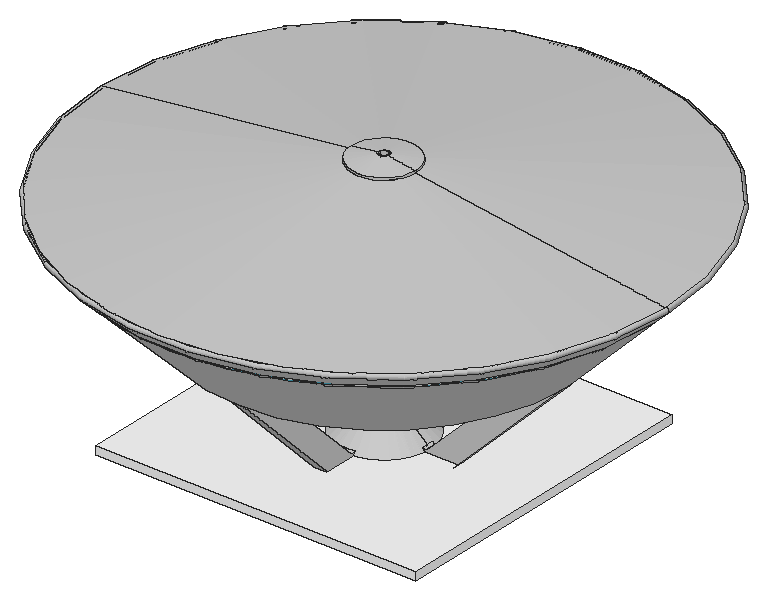
Revit family "BE_84403_de_DE", category Leuchten, Revit 2015
Parameters (values of type "BEGA_84403_Silber_K4")
  built-in parameter 1150104 = 17.28 (stored number, unit not read)
  Windangriffsfläche = "0.14 m²"
  Wattage = 23.6 W
  Default Elevation = 0 mm
  built-in parameter 1150113 = 1 (stored number, unit not read)
  built-in parameter 1114218 = 1 (stored number, unit not read)
  Umgebungstemperatur = "25 °C"
  URL = "http://www.bega.de/produkt/84403"
  Typenkommentare = "© 2017 BEGA. Wir behalten uns das Recht vor, technische Änderungen ohne vorherige Ankündigung vorzunehmen."  # constant formula
  Type Image = 84403.png
  built-in parameter 1150134 = 12
  built-in parameter 1150109 = 1 (stored number, unit not read)
  Strom = ""
  built-in parameter 1150110 = 1 (stored number, unit not read)
  Spannung = 239.996 V
  Sonderanfertigung = no
  Seriennummer [instance] = "Hier können Sie die eindeutige Seriennummer für das Facility Management eintragen."
  Schutzklasse = "II"
  Schutzart = "IP 65"
  Scheinlast = 0 VA
  Produktdatenblatt = "http://www.bega.de/download/Xrfa/db/84403.db.de.pdf"
  Oberflächentemperatur = ""
  Neigungswinkel = 0.00°
  Modell = "84403A"
  Material_18 = BEGA_Gummi_schwarz
  Material_17 = BEGA_Reflektor
  Material_15 = BEGA_Leuchtmedium_matt
  Material_11 = BEGA_Glas_opal
  Material_10 = BEGA_Glas_matt
  Material_09 = BEGA_Glas_klar
  Material_06 = BEGA_Oberfläche_Edelstahl_gebürstet
  Material_03 = BEGA_Oberfläche_Weiss_matt
  Material_02 = BEGA_Oberfläche_Silber_matt
  Material_01 [instance] = BEGA_Oberfläche_Grafit_matt
  M_W = no
  M_G = no
  M_A = yes
  Logo = 0
  built-in parameter 1114217 = 1 (stored number, unit not read)
  built-in parameter 1150139 = (empty or 0)
  built-in parameter 1150105 = 349.31 (stored number, unit not read)
  built-in parameter 1150114 = 1 (stored number, unit not read)
  Lumens = 4389.6 lm
  built-in parameter 1150115 = 1 (stored number, unit not read)
  Leuchtenlichtstrom = "2464 lm"
  Leuchtenanzahl = ""
  Lebensdauerkriterien = "L70B50 @ 25 °C = 500000 h"
  Lastklassifizierung = Beleuchtung
  built-in parameter 1150112 = 1 (stored number, unit not read)
  Lampenlichtstrom = "4390 lm"
  Lampe = "LED 23.6 W"
  LED_Modulbezeichnung = "2x LED-0403/840"
  built-in parameter 1150142 = (empty or 0)
  Hersteller = "BEGA"  # constant formula
  Halbstreuwinkel = ""
  Gewicht = "14.2 kg"
  Gebrauchslageneinschränkung [instance] = ""
  Frequenz = "0/50-60 Hz"
  Farbwiedergabeindex = "Ra > 80"
  Farbtemperaturverschiebung bei Dämpfen der Lampe = <Keine Auswahl>
  Farbtemperatur = "4000 K"
  Color Filter = 16777215
  built-in parameter 1150133 = 10 (stored number, unit not read)
  Energieeffizienzklasse = "LED A++ - A"
  Einstecktiefe = "60 mm"
  built-in parameter 1150137 = (empty or 0)
  built-in parameter 1150132 = (empty or 0)
  ENEC = ""
  Dimmbar [instance] = ""
  Datei für fotometrisches Netz = "BE_84403.IES"
  CE_Konformität = "ja"
  Bestellnummer = "84403A"
  Beschreibung_Sonderanfertigung = "Hier können Sie Informationen zur Sonderanfertigung eintragen."
  Beschreibung = "Aufsatzleuchte"
  built-in parameter 1150106 = 3.4931 (stored number, unit not read)
  Befestigungsbohrung = ""
  Befestigungsabstand = ""
  Ballwurfsicher = ""
  BEGA_Intern_aus = yes
  BEGA_Intern_an = yes
  BEGA_Intern_Konstruktion = yes
  BEGA_Intern = yes
  BEGA_IES = yes
  BEGA_Dummy = no
  Anschlussleitung = "6.0 m X05BQ-F 4 × 1²"
  Anschlussleistung [instance] = "26.5 W"
  Anschlusskasten = ""
  built-in parameter 1150107 = 4000 (stored number, unit not read)
  built-in parameter 1150102 = (empty or 0)
  built-in parameter 1150138 = (empty or 0)
  Aktualisierung = "2017-07-06T04:09:10"
  Abstand_zur_angestrahlten_Fläche [instance] = ""
  AC/DC = "AC/DC"
Types (4, lengths in mm): name | built-in parameter 1150104 | built-in parameter 1150134 | Modell | M_G | M_A | built-in parameter 1150105 | Lumens | Leuchtenlichtstrom | Lampenlichtstrom | LED_Modulbezeichnung | Farbtemperatur | Datei für fotometrisches Netz | Bestellnummer | built-in parameter 1150106 | built-in parameter 1150107
  BEGA_84403_Grafit_K4 | 17.28 (stored number, unit not read) | 12 | "84403" | yes | no | 349.31 (stored number, unit not read) | 4389.6 lm | "2464 lm" | "4390 lm" | "2x LED-0403/840" | "4000 K" | "BE_84403.IES" | "84403" | 3.4931 (stored number, unit not read) | 4000 (stored number, unit not read)
  BEGA_84403_Grafit_K3 | 16.853 (stored number, unit not read) | (empty or 0) | "84403K3" | yes | no | 340.67 (stored number, unit not read) | 4281.04 lm | "2402 lm" | "4280 lm" | "2x LED-0403/830" | "3000 K" | "BE_84403K3.IES" | "84403K3" | 3.4067 (stored number, unit not read) | 3000 (stored number, unit not read)
  BEGA_84403_Silber_K3 | 16.853 (stored number, unit not read) | (empty or 0) | "84403AK3" | no | yes | 340.67 (stored number, unit not read) | 4281.04 lm | "2402 lm" | "4280 lm" | "2x LED-0403/830" | "3000 K" | "BE_84403K3.IES" | "84403AK3" | 3.4067 (stored number, unit not read) | 3000 (stored number, unit not read)
  BEGA_84403_Silber_K4 | 17.28 (stored number, unit not read) | 12 | "84403A" | no | yes | 349.31 (stored number, unit not read) | 4389.6 lm | "2464 lm" | "4390 lm" | "2x LED-0403/840" | "4000 K" | "BE_84403.IES" | "84403A" | 3.4931 (stored number, unit not read) | 4000 (stored number, unit not read)
Reference planes
  plane 1 "Mitte (Vorne/Hinten)": y = 0
  plane 2: z = 0
  plane 3 "Mitte (Links/Rechts)": x = 0
  plane 4 "Links": x = -355.4
  plane 5 "Rechts": x = 355.4
  plane 6 "Unten": y = -355.4
  plane 7 "Oben": y = 355.4
  plane 8 "Vorne": z = 310.102
  plane 9 "Hinten": z = -56.988
Forms (mm)
  Extrusion 1, solid, material "BEGA_Platte_Weiss"
    sketch origin (0, -1119.2, 0) x (1, 0, 0) y (0, 1, 0)
      loop
        line (-200, 1319.2) -> (-200, 919.2) -> (200, 919.2) -> (200, 1319.2) -> (-200, 1319.2)
    from 0 to -10
  Extrusion 2, solid, material "BEGA_Dummy_matt", visible <- "BEGA_Dummy"
    sketch origin (77.149, -76.023, 0) x (1, 0, 0) y (0, 1, 0)
      loop
        circle (-77.149, 76.023) r 355.4
    from 0 to 310.102
Dimensions and locks
  plane 1 "Mitte (Vorne/Hinten)" to Extrusion 1 = 200 mm
  aligned and locked: plane 2 to Extrusion 1
  aligned and locked: level to Extrusion 1
Nested families
  nested 1: "BE_84403" at (0, 0, 0), type "BE_84403"
Connectors
  electrical at (0, 0, 0), driven by "Lastklassifizierung", driven by "Spannung", driven by "Scheinlast"
    settings: index 1, voltage 239.996 V, apparent load 0 VA, apparent load phase1 0 VA, apparent load phase2 0 VA, apparent load phase3 0 VA, power factor 1, load classification "Beleuchtung", number of poles 1, system type 31, power factor state 1, is connector primary yes, connector utility no, sub classification motor no, connector description ""
Definition of nested family "BE_84403"
  Parameters (values of type "BE_84403")
    Default Elevation = 1 mm
    URL = "http://www.bega.de/de/produkt"
    Type Comments = "© 2015 BEGA. Wir behalten uns das Recht vor, technische Änderungen ohne vorherige Ankündigung vorzunehmen. "  # constant formula
    Type Image = (empty or 0)
    Material_18 = none
    Material_17 = none
    Material_15 = none
    Material_11 = none
    Material_10 = none
    Material_09 = none
    Material_06 = none
    Material_03 = none
    Material_02 = none
    Material_01 = none
    M_W = yes
    M_G = yes
    M_A = yes
    Länge_Platte = 200 mm  # constant formula
    Höhe_Platte = -10 mm  # constant formula
    Manufacturer = "BEGA"  # constant formula
    Breite_Platte = 200 mm  # constant formula
  Reference planes
    plane 1 "Mitte (Oben/Unten)": y = 0
    plane 2: z = 0
    plane 3 "Mitte (Links/Rechts)": x = 0
    plane 4: z = 310.102
    plane 5: x = -355.4
    plane 6: z = -56.988
    plane 7: x = 355.4
    plane 8: y = -355.4
    plane 9: y = 355.4
  Forms (mm)
    Extrusion 1, solid, detail levels medium
      sketch origin (0, 0, 0) x (1, 0, 0) y (0, 1, 0)
        loop
          line (-100, 100) -> (-100, -100) -> (100, -100) -> (100, 100) -> (-100, 100)
      from 0 to -10 <- "Höhe_Platte"
    Revolve 2, solid, material <- "Material_01", visible <- "M_G", detail levels medium+fine
      sketch origin (0, 0, 0) x (1, 0, 0) y (0, 0, 1)
        loop
          line (37.096, -0.983) -> (37.921, -57) -> (41.96, -57) -> (78.3, -20.66) -> (34.14, 23.5) -> (0, 23.5) -> (0, 18.5) -> (30.391, 18.5) -> (30.656, 0) -> (36.096, 0)
          arc (36.096, 0) -> (36.797, -0.287) -> (37.096, -0.983) r 1
        axis (0, -57) -> (0, 23.5)
      angle from 0 to 360
    Extrusion 3, solid, material <- "Material_01", visible <- "M_G", detail levels medium+fine
      sketch origin (0, 0, 0) x (1, 0, 0) y (0, 0, 1)
        loop
          line (-78.3, -20.66) -> (-54.151, 3.489)
          arc (-54.151, 3.489) -> (-55.774, 2.405) -> (-57.687, 2.024) r 5
          arc (-57.687, 2.024) -> (-59.6, 2.405) -> (-61.223, 3.489) r 5
          line (-61.223, 3.489) -> (-185.734, 128) -> (-226.96, 128) -> (-78.3, -20.66)
      from -7.5 to 7.5
    Extrusion 4, solid, material <- "Material_01", visible <- "M_G", detail levels medium+fine
      sketch origin (0, 0, 0) x (0, -1, 0) y (0, 0, 1)
        loop
          line (-78.3, -20.66) -> (-54.151, 3.489)
          arc (-54.151, 3.489) -> (-55.774, 2.405) -> (-57.687, 2.024) r 5
          arc (-57.687, 2.024) -> (-59.6, 2.405) -> (-61.223, 3.489) r 5
          line (-61.223, 3.489) -> (-185.734, 128) -> (-226.96, 128) -> (-78.3, -20.66)
      from -7.5 to 7.43
    Extrusion 5, solid, material <- "Material_01", visible <- "M_G", detail levels medium+fine
      sketch origin (0, 0, 0) x (0, 1, 0) y (0, 0, 1)
        loop
          line (-78.3, -20.66) -> (-54.151, 3.489)
          arc (-54.151, 3.489) -> (-55.774, 2.405) -> (-57.687, 2.024) r 5
          arc (-57.687, 2.024) -> (-59.6, 2.405) -> (-61.223, 3.489) r 5
          line (-61.223, 3.489) -> (-185.734, 128) -> (-226.96, 128) -> (-78.3, -20.66)
      from -7.43 to 7.5
    Extrusion 6, solid, material <- "Material_01", visible <- "M_G", detail levels medium+fine
      sketch origin (0, 0, 0) x (-1, 0, 0) y (0, 0, 1)
        loop
          line (-78.3, -20.66) -> (-54.151, 3.489)
          arc (-54.151, 3.489) -> (-55.774, 2.405) -> (-57.687, 2.024) r 5
          arc (-57.687, 2.024) -> (-59.6, 2.405) -> (-61.223, 3.489) r 5
          line (-61.223, 3.489) -> (-185.734, 128) -> (-226.96, 128) -> (-78.3, -20.66)
      from -7.5 to 7.5
    Revolve 7, solid, material <- "Material_01", visible <- "M_G", detail levels medium+fine
      sketch origin (0, 0, 0) x (1, 0, 0) y (0, 0, 1)
        loop
          arc (-352.412, 261.464) -> (-355.225, 259.094) -> (-354.365, 255.517) r 3.5
          line (-354.365, 255.517) -> (-339.4, 240.552) -> (-337.632, 242.32) -> (-352.612, 257.299)
          arc (-352.612, 257.299) -> (-352.848, 258.319) -> (-352.046, 258.991) r 1
          arc (-352.046, 258.991) -> (-195.485, 280.678) -> (-38.548, 299.452) r 8508.253
          arc (-38.548, 299.452) -> (-35.805, 299.677) -> (-33.062, 299.752) r 50
          line (-33.062, 299.752) -> (-10, 299.752) -> (-10, 302.252) -> (-33.077, 302.252)
          arc (-33.077, 302.252) -> (-35.957, 302.173) -> (-38.829, 301.936) r 52.5
          arc (-38.829, 301.936) -> (-195.805, 283.157) -> (-352.412, 261.464) r 8510.753
        axis (0, 240.552) -> (0, 302.252)
      angle from 0 to 360
    Revolve 8, solid, material <- "Material_01", visible <- "M_G", detail levels medium+fine
      sketch origin (0, 0, 0) x (1, 0, 0) y (0, 0, 1)
        loop
          line (-40, 302.564) -> (-9.546, 302.564) -> (-9.546, 295.672) -> (0, 295.672) -> (0, 302.564) -> (-4.734, 302.564) -> (-4.734, 310.102) -> (-5.56, 310.101)
          arc (-5.56, 310.101) -> (-6.013, 310.084) -> (-6.464, 310.034) r 6.282
          line (-6.464, 310.034) -> (-40, 305.102) -> (-40, 302.564)
        axis (0, 295.672) -> (0, 310.102)
      angle from 0 to 360
    Revolve 9, solid, material <- "Material_09", detail levels medium+fine
      sketch origin (0, 0, 0) x (1, 0, 0) y (0, 0, 1)
        loop
          line (-187.5, 134.9) -> (-187.5, 131.192) -> (0, 131.192) -> (0, 134.9) -> (-187.5, 134.9)
        axis (0, 131.192) -> (0, 134.9)
      angle from 0 to 360
    Revolve 10, void
      sketch origin (0, 0, -39.5) x (1, 0, 0) y (0, 1, 0)
        loop
          line (40.446, -34.507) -> (30.01, -24.366) -> (27.188, -27.188) -> (47.381, -47.381) -> (52.145, -42.273) -> (42.073, -32.88) -> (40.446, -34.507)
        axis (27.188, -27.188) -> (47.381, -47.381)
      angle from 0 to 360
    Revolve 11, solid, material <- "Material_06", detail levels fine
      sketch origin (0, 0, -39.5) x (1, 0, 0) y (0, 1, 0)
        loop
          line (37.184, -37.184) -> (40.012, -34.355) -> (33.234, -27.577) -> (30.405, -30.406) -> (37.184, -37.184)
        axis (37.184, -37.184) -> (30.405, -30.406)
      angle from 0 to 360
    Revolve 12, void
      sketch origin (0, 0, -39.5) x (0, -1, 0) y (1, 0, 0)
        loop
          line (40.446, -34.507) -> (30.01, -24.366) -> (27.188, -27.188) -> (47.381, -47.381) -> (52.145, -42.273) -> (42.073, -32.88) -> (40.446, -34.507)
        axis (27.188, -27.188) -> (47.381, -47.381)
      angle from 0 to 360
    Revolve 13, void
      sketch origin (0, 0, -39.5) x (0, 1, 0) y (-1, 0, 0)
        loop
          line (40.446, -34.507) -> (30.01, -24.366) -> (27.188, -27.188) -> (47.381, -47.381) -> (52.145, -42.273) -> (42.073, -32.88) -> (40.446, -34.507)
        axis (27.188, -27.188) -> (47.381, -47.381)
      angle from 0 to 360
    Revolve 14, void
      sketch origin (0, 0, -39.5) x (-1, 0, 0) y (0, -1, 0)
        loop
          line (40.446, -34.507) -> (30.01, -24.366) -> (27.188, -27.188) -> (47.381, -47.381) -> (52.145, -42.273) -> (42.073, -32.88) -> (40.446, -34.507)
        axis (27.188, -27.188) -> (47.381, -47.381)
      angle from 0 to 360
    Revolve 15, solid, material <- "Material_06", detail levels fine
      sketch origin (0, 0, -39.5) x (0, -1, 0) y (1, 0, 0)
        loop
          line (37.184, -37.184) -> (40.012, -34.355) -> (33.234, -27.577) -> (30.405, -30.406) -> (37.184, -37.184)
        axis (37.184, -37.184) -> (30.405, -30.406)
      angle from 0 to 360
    Revolve 16, solid, material <- "Material_06", detail levels fine
      sketch origin (0, 0, -39.5) x (0, 1, 0) y (-1, 0, 0)
        loop
          line (37.184, -37.184) -> (40.012, -34.355) -> (33.234, -27.577) -> (30.405, -30.406) -> (37.184, -37.184)
        axis (37.184, -37.184) -> (30.405, -30.406)
      angle from 0 to 360
    Revolve 17, solid, material <- "Material_06", detail levels fine
      sketch origin (0, 0, -39.5) x (-1, 0, 0) y (0, -1, 0)
        loop
          line (37.184, -37.184) -> (40.012, -34.355) -> (33.234, -27.577) -> (30.405, -30.406) -> (37.184, -37.184)
        axis (37.184, -37.184) -> (30.405, -30.406)
      angle from 0 to 360
    Revolve 18, solid, material <- "Material_01", visible <- "M_G", detail levels medium+fine
      sketch origin (0, 0, 0) x (1, 0, 0) y (0, 0, 1)
        loop
          line (-187.727, 128) -> (-187.727, 131) -> (-225.707, 131) -> (-332.65, 237.943) -> (-332.65, 253.5) -> (-335.65, 253.5) -> (-335.65, 237.756)
          arc (-335.65, 237.756) -> (-335.476, 236.88) -> (-334.979, 236.137) r 2.29
          line (-334.979, 236.137) -> (-226.842, 128) -> (-187.727, 128)
        axis (0, 128) -> (0, 253.5)
      angle from 0 to 360
    Revolve 19, solid, material <- "Material_02", visible <- "M_A", detail levels medium+fine
      sketch origin (0, 0, 0) x (1, 0, 0) y (0, 0, 1)
        loop
          line (37.096, -0.983) -> (37.921, -57) -> (41.96, -57) -> (78.3, -20.66) -> (34.14, 23.5) -> (0, 23.5) -> (0, 18.5) -> (30.391, 18.5) -> (30.656, 0) -> (36.096, 0)
          arc (36.096, 0) -> (36.797, -0.287) -> (37.096, -0.983) r 1
        axis (0, -57) -> (0, 23.5)
      angle from 0 to 360
    Extrusion 20, solid, material <- "Material_02", visible <- "M_A", detail levels medium+fine
      sketch origin (0, 0, 0) x (1, 0, 0) y (0, 0, 1)
        loop
          line (-78.3, -20.66) -> (-54.151, 3.489)
          arc (-54.151, 3.489) -> (-55.774, 2.405) -> (-57.687, 2.024) r 5
          arc (-57.687, 2.024) -> (-59.6, 2.405) -> (-61.223, 3.489) r 5
          line (-61.223, 3.489) -> (-185.734, 128) -> (-226.96, 128) -> (-78.3, -20.66)
      from -7.5 to 7.5
    Extrusion 21, solid, material <- "Material_02", visible <- "M_A", detail levels medium+fine
      sketch origin (0, 0, 0) x (0, -1, 0) y (0, 0, 1)
        loop
          line (-78.3, -20.66) -> (-54.151, 3.489)
          arc (-54.151, 3.489) -> (-55.774, 2.405) -> (-57.687, 2.024) r 5
          arc (-57.687, 2.024) -> (-59.6, 2.405) -> (-61.223, 3.489) r 5
          line (-61.223, 3.489) -> (-185.734, 128) -> (-226.96, 128) -> (-78.3, -20.66)
      from -7.5 to 7.43
    Extrusion 22, solid, material <- "Material_02", visible <- "M_A", detail levels medium+fine
      sketch origin (0, 0, 0) x (0, 1, 0) y (0, 0, 1)
        loop
          line (-78.3, -20.66) -> (-54.151, 3.489)
          arc (-54.151, 3.489) -> (-55.774, 2.405) -> (-57.687, 2.024) r 5
          arc (-57.687, 2.024) -> (-59.6, 2.405) -> (-61.223, 3.489) r 5
          line (-61.223, 3.489) -> (-185.734, 128) -> (-226.96, 128) -> (-78.3, -20.66)
      from -7.43 to 7.5
    Extrusion 23, solid, material <- "Material_02", visible <- "M_A", detail levels medium+fine
      sketch origin (0, 0, 0) x (-1, 0, 0) y (0, 0, 1)
        loop
          line (-78.3, -20.66) -> (-54.151, 3.489)
          arc (-54.151, 3.489) -> (-55.774, 2.405) -> (-57.687, 2.024) r 5
          arc (-57.687, 2.024) -> (-59.6, 2.405) -> (-61.223, 3.489) r 5
          line (-61.223, 3.489) -> (-185.734, 128) -> (-226.96, 128) -> (-78.3, -20.66)
      from -7.5 to 7.5
    Revolve 24, solid, material <- "Material_02", visible <- "M_A", detail levels medium+fine
      sketch origin (0, 0, 0) x (1, 0, 0) y (0, 0, 1)
        loop
          line (-187.727, 128) -> (-187.727, 131) -> (-225.707, 131) -> (-332.65, 237.943) -> (-332.65, 253.5) -> (-335.65, 253.5) -> (-335.65, 237.756)
          arc (-335.65, 237.756) -> (-335.476, 236.88) -> (-334.979, 236.137) r 2.29
          line (-334.979, 236.137) -> (-226.842, 128) -> (-187.727, 128)
        axis (0, 128) -> (0, 253.5)
      angle from 0 to 360
    Revolve 25, solid, material <- "Material_02", visible <- "M_A", detail levels medium+fine
      sketch origin (0, 0, 0) x (1, 0, 0) y (0, 0, 1)
        loop
          arc (-352.412, 261.464) -> (-355.225, 259.094) -> (-354.365, 255.517) r 3.5
          line (-354.365, 255.517) -> (-339.4, 240.552) -> (-337.632, 242.32) -> (-352.612, 257.299)
          arc (-352.612, 257.299) -> (-352.848, 258.319) -> (-352.046, 258.991) r 1
          arc (-352.046, 258.991) -> (-195.485, 280.678) -> (-38.548, 299.452) r 8508.253
          arc (-38.548, 299.452) -> (-35.805, 299.677) -> (-33.062, 299.752) r 50
          line (-33.062, 299.752) -> (-10, 299.752) -> (-10, 302.252) -> (-33.077, 302.252)
          arc (-33.077, 302.252) -> (-35.957, 302.173) -> (-38.829, 301.936) r 52.5
          arc (-38.829, 301.936) -> (-195.805, 283.157) -> (-352.412, 261.464) r 8510.753
        axis (0, 240.552) -> (0, 302.252)
      angle from 0 to 360
    Revolve 26, solid, material <- "Material_02", visible <- "M_A", detail levels medium+fine
      sketch origin (0, 0, 0) x (1, 0, 0) y (0, 0, 1)
        loop
          line (-40, 302.564) -> (-9.546, 302.564) -> (-9.546, 295.672) -> (0, 295.672) -> (0, 302.564) -> (-4.734, 302.564) -> (-4.734, 310.102) -> (-5.56, 310.101)
          arc (-5.56, 310.101) -> (-6.013, 310.084) -> (-6.464, 310.034) r 6.282
          line (-6.464, 310.034) -> (-40, 305.102) -> (-40, 302.564)
        axis (0, 295.672) -> (0, 310.102)
      angle from 0 to 360
    Extrusion 27, solid, material <- "Material_10", detail levels medium+fine
      sketch origin (0, 0, 0) x (1, 0, 0) y (0, 1, 0)
        loop
          circle (0, 0) r 187.5
        loop
          line (-94.988, 45.835) -> (-94.988, -45.835)
          arc (-94.988, -45.835) -> (0, -67.513) -> (94.988, -45.835) r 218.943
          line (94.988, -45.835) -> (94.988, 45.835)
          arc (94.988, 45.835) -> (0, 67.513) -> (-94.988, 45.835) r 218.943
      from 130.769 to 131.198
    Extrusion 28, solid, material <- "Material_17", detail levels medium+fine
      sketch origin (0, 0, 0) x (1, 0, 0) y (0, 0, 1)
        loop
          line (-77.156, 255.975) -> (99.445, 232.725) -> (119.023, 144.414) -> (123.98, 143.761) -> (124.085, 144.554) -> (119.683, 145.134) -> (100.059, 233.653) -> (-77.509, 257.03) -> (-119.375, 176.606) -> (-123.776, 177.186) -> (-123.881, 176.393) -> (-118.924, 175.74) -> (-77.156, 255.975)
      from -97.42 to 97.397
    Extrusion 29, solid, material <- "Material_17", detail levels medium+fine
      sketch origin (0, 0, 0) x (1, 0, 0) y (0, 0, 1)
        loop
          line (-118.924, 175.74) -> (119.023, 144.414) -> (99.445, 232.725) -> (-77.156, 255.975) -> (-118.924, 175.74)
      from 95.818 to 97.397
    Extrusion 30, solid, material <- "Material_17", detail levels medium+fine
      sketch origin (0, 0, 0) x (1, 0, 0) y (0, 0, -1)
        loop
          line (-118.924, -175.74) -> (-77.156, -255.975) -> (99.445, -232.725) -> (119.023, -144.414) -> (-118.924, -175.74)
      from 95.818 to 97.397
    Extrusion 31, void
      sketch origin (0, 0, 0) x (1, 0, 0) y (0, 0, 1)
        loop
          line (99.197, 231.613) -> (99.613, 234.775) -> (-28.475, 251.638) -> (-28.892, 248.476) -> (99.197, 231.613)
      from -51.818 to 51.818
    Extrusion 32, solid, material <- "Material_15", detail levels medium+fine
      sketch origin (0, 42.475, 8.938) x (1, 0, 0) y (0, -0.258819, 0.965926)
        loop
          line (-9.325, 196.096) -> (-11.044, 183.035) -> (73.841, 171.86) -> (75.56, 184.92) -> (-9.325, 196.096)
      from 11.289 to 14.127
    Extrusion 33, solid, material <- "Material_15", detail levels medium+fine
      sketch origin (0, -42.475, 8.938) x (1, 0, 0) y (0, -0.258819, -0.965926)
        loop
          line (-9.325, -196.096) -> (75.56, -184.92) -> (73.841, -171.86) -> (-11.044, -183.035) -> (-9.325, -196.096)
      from 11.289 to 14.127
  Cuts and joins
    Revolve 10, Revolve 12, Revolve 13, Revolve 14 cuts Revolve 2
    Revolve 10, Revolve 12, Revolve 13, Revolve 14 cuts Extrusion 3
    Revolve 10, Revolve 12, Revolve 13, Revolve 14 cuts Extrusion 4
    Revolve 10, Revolve 12, Revolve 13, Revolve 14 cuts Extrusion 5
    Revolve 10, Revolve 12, Revolve 13, Revolve 14 cuts Extrusion 6
    Revolve 12 cuts Revolve 18
    joined: Revolve 2, Extrusion 3, Extrusion 4, Extrusion 5, Extrusion 6, Revolve 18
    joined: Revolve 7, Revolve 8
    Revolve 12 cuts Revolve 11
    Revolve 10, Revolve 12, Revolve 13, Revolve 14 cuts Revolve 19
    joined: Revolve 19, Extrusion 20, Extrusion 21, Extrusion 22, Extrusion 23, Revolve 24
    joined: Revolve 25, Revolve 26
    Extrusion 31 cuts Extrusion 28
    Extrusion 31 cuts Extrusion 29
    Extrusion 31 cuts Extrusion 30
    joined: Extrusion 28, Extrusion 29, Extrusion 30
  Dimensions and locks
    equal spacing: Extrusion 1 sketch curve, plane 3 "Mitte (Links/Rechts)", Extrusion 1 sketch curve
    equal spacing: Extrusion 1 sketch curve, plane 1 "Mitte (Oben/Unten)", Extrusion 1 sketch curve
    "Länge_Platte": Extrusion 1 sketch curve to Extrusion 1 sketch curve
    "Breite_Platte": Extrusion 1 sketch curve to Extrusion 1 sketch curve
    aligned and locked: Extrusion 1 to plane 2
    aligned and locked: level to Extrusion 1
  Automatic sketch dimensions
    Revolve 2 sketch curve to plane 3 "Mitte (Links/Rechts)" = 0 mm  (x2)
    Revolve 2 sketch curve to Revolve 2 sketch curve = 30.391 mm
    level to Revolve 2 sketch curve = 0 mm
    Revolve 2 sketch curve to Revolve 2 sketch curve = 0.266 mm
    Revolve 2 sketch curve to Revolve 2 sketch curve = 3.749 mm
    Revolve 2 sketch curve to level = 1 mm
    Revolve 2 sketch curve to Revolve 2 sketch curve = 5.44 mm
    Revolve 2 sketch curve to level = 0.983 mm
    plane 6 to Revolve 2 sketch curve = 0.012 mm
    plane 3 "Mitte (Links/Rechts)" to Revolve 2 sketch curve = 37.921 mm
    Revolve 2 sketch curve to Revolve 2 sketch curve = 4.039 mm
    Revolve 2 sketch curve to level = 20.66 mm
    Revolve 2 sketch curve to Revolve 2 sketch curve = 41.204 mm
    level to Revolve 2 sketch curve = 18.5 mm
    Revolve 2 sketch curve to Revolve 2 sketch curve = 5 mm
    Revolve 2 sketch curve to Revolve 2 sketch curve = 6.993 mm
    Revolve 2 sketch curve to Revolve 2 sketch curve = 6.673 mm
    Extrusion 3 sketch curve to Extrusion 3 sketch curve = 0 mm  (x6)
    Extrusion 3 sketch curve to plane 5 = 128.44 mm
    Extrusion 3 sketch curve to Extrusion 3 sketch curve = 41.226 mm
    Extrusion 3 sketch curve to level = 20.66 mm
    Extrusion 3 sketch curve to plane 3 "Mitte (Links/Rechts)" = 78.3 mm
    level to Extrusion 3 sketch curve = 7.024 mm
    Extrusion 3 sketch curve to Extrusion 3 sketch curve = 20.613 mm
    level to Extrusion 3 sketch curve = 128 mm
    level to Extrusion 3 sketch curve = 3.489 mm  (x2)
    Extrusion 3 sketch curve to Extrusion 3 sketch curve = 3.536 mm  (x3)
    level to Extrusion 3 sketch curve = 2.024 mm
    Extrusion 4 sketch curve to Extrusion 4 sketch curve = 0 mm  (x6)
    Extrusion 4 sketch curve to plane 9 = 128.44 mm
    Extrusion 4 sketch curve to Extrusion 4 sketch curve = 41.226 mm
    Extrusion 4 sketch curve to level = 20.66 mm
    Extrusion 4 sketch curve to plane 1 "Mitte (Oben/Unten)" = 78.3 mm
    level to Extrusion 4 sketch curve = 7.024 mm
    Extrusion 4 sketch curve to Extrusion 4 sketch curve = 20.613 mm
    level to Extrusion 4 sketch curve = 128 mm
    level to Extrusion 4 sketch curve = 3.489 mm  (x2)
    Extrusion 4 sketch curve to Extrusion 4 sketch curve = 3.536 mm  (x3)
    level to Extrusion 4 sketch curve = 2.024 mm
    Extrusion 5 sketch curve to Extrusion 5 sketch curve = 0 mm  (x6)
    Extrusion 5 sketch curve to plane 8 = 128.44 mm
    Extrusion 5 sketch curve to Extrusion 5 sketch curve = 41.226 mm
    Extrusion 5 sketch curve to level = 20.66 mm
    plane 1 "Mitte (Oben/Unten)" to Extrusion 5 sketch curve = 78.3 mm
    level to Extrusion 5 sketch curve = 7.024 mm
    Extrusion 5 sketch curve to Extrusion 5 sketch curve = 20.613 mm
    level to Extrusion 5 sketch curve = 128 mm
    level to Extrusion 5 sketch curve = 3.489 mm  (x2)
    Extrusion 5 sketch curve to Extrusion 5 sketch curve = 3.536 mm  (x3)
    level to Extrusion 5 sketch curve = 2.024 mm
    Extrusion 6 sketch curve to Extrusion 6 sketch curve = 0 mm  (x6)
    Extrusion 6 sketch curve to plane 7 = 128.44 mm
    Extrusion 6 sketch curve to Extrusion 6 sketch curve = 41.226 mm
    Extrusion 6 sketch curve to level = 20.66 mm
    plane 3 "Mitte (Links/Rechts)" to Extrusion 6 sketch curve = 78.3 mm
    level to Extrusion 6 sketch curve = 7.024 mm
    Extrusion 6 sketch curve to Extrusion 6 sketch curve = 20.613 mm
    level to Extrusion 6 sketch curve = 128 mm
    level to Extrusion 6 sketch curve = 3.489 mm  (x2)
    Extrusion 6 sketch curve to Extrusion 6 sketch curve = 3.536 mm  (x3)
    level to Extrusion 6 sketch curve = 2.024 mm
    Revolve 7 sketch curve to Revolve 7 sketch curve = 0 mm  (x9)
    Revolve 7 sketch curve to plane 3 "Mitte (Links/Rechts)" = 0 mm
    Revolve 7 sketch curve to plane 3 "Mitte (Links/Rechts)" = 10 mm
    plane 4 to Revolve 7 sketch curve = 10.35 mm
    Revolve 7 sketch curve to Revolve 7 sketch curve = 23.062 mm
    Revolve 7 sketch curve to Revolve 7 sketch curve = 0.015 mm
    Revolve 7 sketch curve to plane 5 = 17.768 mm
    Revolve 7 sketch curve to Revolve 7 sketch curve = 1.768 mm  (x2)
    Revolve 7 sketch curve to plane 5 = 3.5 mm
    Revolve 7 sketch curve to Revolve 7 sketch curve = 0.712 mm
    Revolve 7 sketch curve to plane 5 = 1.035 mm
    plane 7 to Revolve 7 sketch curve = 538.156 mm
    plane 4 to Revolve 7 sketch curve = 52.1 mm
    Revolve 7 sketch curve to Revolve 7 sketch curve = 0.703 mm
    Revolve 7 sketch curve to Revolve 7 sketch curve = 1.782 mm
    Revolve 7 sketch curve to Revolve 7 sketch curve = 50 mm
    Revolve 7 sketch curve to Revolve 7 sketch curve = 14.979 mm
    plane 6 to Revolve 7 sketch curve = 8100.602 mm
    Revolve 7 sketch curve to Revolve 7 sketch curve = 2.5 mm
    Revolve 7 sketch curve to Revolve 7 sketch curve = 5.478 mm
    Revolve 7 sketch curve to Revolve 7 sketch curve = 0.008 mm
    Revolve 7 sketch curve to Revolve 7 sketch curve = 0.274 mm
    Revolve 7 sketch curve to Revolve 7 sketch curve = 0.007 mm
    Revolve 7 sketch curve to Revolve 7 sketch curve = 0.146 mm
    Revolve 7 sketch curve to Revolve 7 sketch curve = 0.366 mm
    Revolve 7 sketch curve to Revolve 7 sketch curve = 40.769 mm
    Revolve 7 sketch curve to plane 4 = 13.881 mm
    Revolve 8 sketch curve to plane 4 = 0 mm
    Revolve 8 sketch curve to plane 3 "Mitte (Links/Rechts)" = 0 mm  (x2)
    Revolve 8 sketch curve to plane 3 "Mitte (Links/Rechts)" = 4.734 mm
    Revolve 8 sketch curve to Revolve 8 sketch curve = 0.816 mm
    plane 4 to Revolve 8 sketch curve = 0.001 mm
    Revolve 8 sketch curve to Revolve 8 sketch curve = 0.826 mm
    plane 4 to Revolve 8 sketch curve = 0.068 mm
    Revolve 8 sketch curve to Revolve 8 sketch curve = 0.904 mm
    Revolve 8 sketch curve to Revolve 8 sketch curve = 4.812 mm
    plane 4 to Revolve 8 sketch curve = 7.538 mm
    Revolve 8 sketch curve to Revolve 8 sketch curve = 30.454 mm
    Revolve 8 sketch curve to Revolve 8 sketch curve = 1.255 mm
    Revolve 8 sketch curve to Revolve 8 sketch curve = 6.892 mm
    Revolve 8 sketch curve to Revolve 8 sketch curve = 2.538 mm
    Revolve 8 sketch curve to Revolve 8 sketch curve = 3.063 mm
    Revolve 8 sketch curve to plane 4 = 2.081 mm
    Revolve 9 sketch curve to plane 3 "Mitte (Links/Rechts)" = 0 mm  (x2)
    Revolve 9 sketch curve to plane 5 = 167.9 mm
    level to Revolve 9 sketch curve = 131.192 mm
    Revolve 9 sketch curve to Revolve 9 sketch curve = 3.708 mm
    Revolve 9 sketch curve to Revolve 9 sketch curve = 0.292 mm
    Revolve 9 sketch curve to Revolve 9 sketch curve = 0 mm
    plane 3 "Mitte (Links/Rechts)" to Revolve 10 sketch curve = 27.188 mm
    Revolve 10 sketch curve to Revolve 10 sketch curve = 2.822 mm  (x2)
    Revolve 10 sketch curve to Revolve 10 sketch curve = 10.436 mm
    Revolve 10 sketch curve to Revolve 10 sketch curve = 1.626 mm  (x2)
    Revolve 10 sketch curve to Revolve 10 sketch curve = 6.935 mm
    Revolve 10 sketch curve to Revolve 10 sketch curve = 4.764 mm
    plane 1 "Mitte (Oben/Unten)" to Revolve 10 sketch curve = 47.381 mm
    Revolve 10 sketch curve to Revolve 10 sketch curve = 5.108 mm
    Revolve 10 sketch curve to Revolve 10 sketch curve = 7.319 mm
    Revolve 10 sketch curve to Revolve 10 sketch curve = 3.162 mm  (x2)
    Revolve 10 sketch curve to Revolve 10 sketch curve = 1.036 mm  (x2)
    plane 3 "Mitte (Links/Rechts)" to Revolve 11 sketch curve = 30.405 mm
    Revolve 11 sketch curve to Revolve 11 sketch curve = 2.828 mm  (x2)
    Revolve 11 sketch curve to Revolve 11 sketch curve = 6.778 mm
    plane 1 "Mitte (Oben/Unten)" to Revolve 11 sketch curve = 37.184 mm
    Revolve 11 sketch curve to Revolve 11 sketch curve = 0 mm  (x2)
    Revolve 11 sketch curve to Revolve 11 sketch curve = 0.293 mm  (x2)
    plane 1 "Mitte (Oben/Unten)" to Revolve 12 sketch curve = 27.188 mm
    Revolve 12 sketch curve to Revolve 12 sketch curve = 2.822 mm  (x2)
    Revolve 12 sketch curve to Revolve 12 sketch curve = 10.436 mm
    Revolve 12 sketch curve to Revolve 12 sketch curve = 1.626 mm  (x2)
    Revolve 12 sketch curve to Revolve 12 sketch curve = 6.935 mm
    Revolve 12 sketch curve to Revolve 12 sketch curve = 4.764 mm
    Revolve 12 sketch curve to plane 3 "Mitte (Links/Rechts)" = 47.381 mm
    Revolve 12 sketch curve to Revolve 12 sketch curve = 5.108 mm
    Revolve 12 sketch curve to Revolve 12 sketch curve = 7.319 mm
    Revolve 12 sketch curve to Revolve 12 sketch curve = 3.162 mm  (x2)
    Revolve 12 sketch curve to Revolve 12 sketch curve = 1.036 mm  (x2)
    Revolve 13 sketch curve to plane 1 "Mitte (Oben/Unten)" = 27.188 mm
    Revolve 13 sketch curve to Revolve 13 sketch curve = 2.822 mm  (x2)
    Revolve 13 sketch curve to Revolve 13 sketch curve = 10.436 mm
    Revolve 13 sketch curve to Revolve 13 sketch curve = 1.626 mm  (x2)
    Revolve 13 sketch curve to Revolve 13 sketch curve = 6.935 mm
    Revolve 13 sketch curve to Revolve 13 sketch curve = 4.764 mm
    plane 3 "Mitte (Links/Rechts)" to Revolve 13 sketch curve = 47.381 mm
    Revolve 13 sketch curve to Revolve 13 sketch curve = 5.108 mm
    Revolve 13 sketch curve to Revolve 13 sketch curve = 7.319 mm
    Revolve 13 sketch curve to Revolve 13 sketch curve = 3.162 mm  (x2)
    Revolve 13 sketch curve to Revolve 13 sketch curve = 1.036 mm  (x2)
    Revolve 14 sketch curve to plane 3 "Mitte (Links/Rechts)" = 27.188 mm
    Revolve 14 sketch curve to Revolve 14 sketch curve = 2.822 mm  (x2)
    Revolve 14 sketch curve to Revolve 14 sketch curve = 10.436 mm
    Revolve 14 sketch curve to Revolve 14 sketch curve = 1.626 mm  (x2)
    Revolve 14 sketch curve to Revolve 14 sketch curve = 6.935 mm
    Revolve 14 sketch curve to Revolve 14 sketch curve = 4.764 mm
    Revolve 14 sketch curve to plane 1 "Mitte (Oben/Unten)" = 47.381 mm
    Revolve 14 sketch curve to Revolve 14 sketch curve = 5.108 mm
    Revolve 14 sketch curve to Revolve 14 sketch curve = 7.319 mm
    Revolve 14 sketch curve to Revolve 14 sketch curve = 3.162 mm  (x2)
    Revolve 14 sketch curve to Revolve 14 sketch curve = 1.036 mm  (x2)
    plane 1 "Mitte (Oben/Unten)" to Revolve 15 sketch curve = 30.405 mm
    Revolve 15 sketch curve to Revolve 15 sketch curve = 2.828 mm  (x2)
    Revolve 15 sketch curve to Revolve 15 sketch curve = 6.778 mm
    Revolve 15 sketch curve to plane 3 "Mitte (Links/Rechts)" = 37.184 mm
    Revolve 15 sketch curve to Revolve 15 sketch curve = 0 mm  (x2)
    Revolve 15 sketch curve to Revolve 15 sketch curve = 0.293 mm  (x2)
    Revolve 16 sketch curve to plane 1 "Mitte (Oben/Unten)" = 30.405 mm
    Revolve 16 sketch curve to Revolve 16 sketch curve = 2.828 mm  (x2)
    Revolve 16 sketch curve to Revolve 16 sketch curve = 6.778 mm
    plane 3 "Mitte (Links/Rechts)" to Revolve 16 sketch curve = 37.184 mm
    Revolve 16 sketch curve to Revolve 16 sketch curve = 0 mm  (x2)
    Revolve 16 sketch curve to Revolve 16 sketch curve = 0.293 mm  (x2)
    Revolve 17 sketch curve to plane 3 "Mitte (Links/Rechts)" = 30.405 mm
    Revolve 17 sketch curve to Revolve 17 sketch curve = 2.828 mm  (x2)
    Revolve 17 sketch curve to Revolve 17 sketch curve = 6.778 mm
    Revolve 17 sketch curve to plane 1 "Mitte (Oben/Unten)" = 37.184 mm
    Revolve 17 sketch curve to Revolve 17 sketch curve = 0 mm  (x2)
    Revolve 17 sketch curve to Revolve 17 sketch curve = 0.293 mm  (x2)
    Revolve 18 sketch curve to plane 3 "Mitte (Links/Rechts)" = 0 mm
    Revolve 18 sketch curve to plane 5 = 167.673 mm
    Revolve 18 sketch curve to Revolve 18 sketch curve = 37.98 mm
    Revolve 18 sketch curve to Revolve 18 sketch curve = 1.135 mm
    Revolve 18 sketch curve to plane 5 = 22.75 mm
    Revolve 18 sketch curve to Revolve 18 sketch curve = 0.71 mm
    Revolve 18 sketch curve to Revolve 18 sketch curve = 1.619 mm
    Revolve 18 sketch curve to Revolve 18 sketch curve = 0.671 mm
    level to Revolve 18 sketch curve = 128 mm
    Revolve 18 sketch curve to Revolve 18 sketch curve = 3 mm
    plane 4 to Revolve 18 sketch curve = 73.965 mm
    Revolve 18 sketch curve to Revolve 18 sketch curve = 0.186 mm
    Revolve 18 sketch curve to Revolve 18 sketch curve = 15.557 mm
    level to Revolve 18 sketch curve = 108 mm
    Revolve 18 sketch curve to Revolve 18 sketch curve = 15 mm
    Revolve 19 sketch curve to plane 3 "Mitte (Links/Rechts)" = 0 mm  (x2)
    Revolve 19 sketch curve to Revolve 19 sketch curve = 30.391 mm
    level to Revolve 19 sketch curve = 0 mm
    Revolve 19 sketch curve to Revolve 19 sketch curve = 0.266 mm
    Revolve 19 sketch curve to Revolve 19 sketch curve = 3.749 mm
    Revolve 19 sketch curve to level = 1 mm
    Revolve 19 sketch curve to Revolve 19 sketch curve = 5.44 mm
    Revolve 19 sketch curve to level = 0.983 mm
    plane 6 to Revolve 19 sketch curve = 0.012 mm
    plane 3 "Mitte (Links/Rechts)" to Revolve 19 sketch curve = 37.921 mm
    Revolve 19 sketch curve to Revolve 19 sketch curve = 4.039 mm
    Revolve 19 sketch curve to level = 20.66 mm
    Revolve 19 sketch curve to Revolve 19 sketch curve = 41.204 mm
    level to Revolve 19 sketch curve = 18.5 mm
    Revolve 19 sketch curve to Revolve 19 sketch curve = 5 mm
    Revolve 19 sketch curve to Revolve 19 sketch curve = 6.993 mm
    Revolve 19 sketch curve to Revolve 19 sketch curve = 6.673 mm
    Extrusion 20 sketch curve to Extrusion 20 sketch curve = 0 mm  (x6)
    Extrusion 20 sketch curve to plane 5 = 128.44 mm
    Extrusion 20 sketch curve to Extrusion 20 sketch curve = 41.226 mm
    Extrusion 20 sketch curve to level = 20.66 mm
    Extrusion 20 sketch curve to plane 3 "Mitte (Links/Rechts)" = 78.3 mm
    level to Extrusion 20 sketch curve = 7.024 mm
    Extrusion 20 sketch curve to Extrusion 20 sketch curve = 20.613 mm
    level to Extrusion 20 sketch curve = 128 mm
    level to Extrusion 20 sketch curve = 3.489 mm  (x2)
    Extrusion 20 sketch curve to Extrusion 20 sketch curve = 3.536 mm  (x3)
    level to Extrusion 20 sketch curve = 2.024 mm
    Extrusion 21 sketch curve to Extrusion 21 sketch curve = 0 mm  (x6)
    Extrusion 21 sketch curve to plane 9 = 128.44 mm
    Extrusion 21 sketch curve to Extrusion 21 sketch curve = 41.226 mm
    Extrusion 21 sketch curve to level = 20.66 mm
    Extrusion 21 sketch curve to plane 1 "Mitte (Oben/Unten)" = 78.3 mm
    level to Extrusion 21 sketch curve = 7.024 mm
    Extrusion 21 sketch curve to Extrusion 21 sketch curve = 20.613 mm
    level to Extrusion 21 sketch curve = 128 mm
    level to Extrusion 21 sketch curve = 3.489 mm  (x2)
    Extrusion 21 sketch curve to Extrusion 21 sketch curve = 3.536 mm  (x3)
    level to Extrusion 21 sketch curve = 2.024 mm
    Extrusion 22 sketch curve to Extrusion 22 sketch curve = 0 mm  (x6)
    Extrusion 22 sketch curve to plane 8 = 128.44 mm
    Extrusion 22 sketch curve to Extrusion 22 sketch curve = 41.226 mm
    Extrusion 22 sketch curve to level = 20.66 mm
    plane 1 "Mitte (Oben/Unten)" to Extrusion 22 sketch curve = 78.3 mm
    level to Extrusion 22 sketch curve = 7.024 mm
    Extrusion 22 sketch curve to Extrusion 22 sketch curve = 20.613 mm
    level to Extrusion 22 sketch curve = 128 mm
    level to Extrusion 22 sketch curve = 3.489 mm  (x2)
    Extrusion 22 sketch curve to Extrusion 22 sketch curve = 3.536 mm  (x3)
    level to Extrusion 22 sketch curve = 2.024 mm
    Extrusion 23 sketch curve to Extrusion 23 sketch curve = 0 mm  (x6)
    Extrusion 23 sketch curve to plane 7 = 128.44 mm
    Extrusion 23 sketch curve to Extrusion 23 sketch curve = 41.226 mm
    Extrusion 23 sketch curve to level = 20.66 mm
    plane 3 "Mitte (Links/Rechts)" to Extrusion 23 sketch curve = 78.3 mm
    level to Extrusion 23 sketch curve = 7.024 mm
    Extrusion 23 sketch curve to Extrusion 23 sketch curve = 20.613 mm
    level to Extrusion 23 sketch curve = 128 mm
    level to Extrusion 23 sketch curve = 3.489 mm  (x2)
    Extrusion 23 sketch curve to Extrusion 23 sketch curve = 3.536 mm  (x3)
    level to Extrusion 23 sketch curve = 2.024 mm
    Revolve 24 sketch curve to plane 3 "Mitte (Links/Rechts)" = 0 mm
    Revolve 24 sketch curve to plane 5 = 167.673 mm
    Revolve 24 sketch curve to Revolve 24 sketch curve = 37.98 mm
    Revolve 24 sketch curve to Revolve 24 sketch curve = 1.135 mm
    Revolve 24 sketch curve to plane 5 = 22.75 mm
    Revolve 24 sketch curve to Revolve 24 sketch curve = 0.71 mm
    Revolve 24 sketch curve to Revolve 24 sketch curve = 1.619 mm
    Revolve 24 sketch curve to Revolve 24 sketch curve = 0.671 mm
    level to Revolve 24 sketch curve = 128 mm
    Revolve 24 sketch curve to Revolve 24 sketch curve = 3 mm
    plane 4 to Revolve 24 sketch curve = 73.965 mm
    Revolve 24 sketch curve to Revolve 24 sketch curve = 0.186 mm
    Revolve 24 sketch curve to Revolve 24 sketch curve = 15.557 mm
    level to Revolve 24 sketch curve = 108 mm
    Revolve 24 sketch curve to Revolve 24 sketch curve = 15 mm
    Revolve 25 sketch curve to Revolve 25 sketch curve = 0 mm  (x9)
    Revolve 25 sketch curve to plane 3 "Mitte (Links/Rechts)" = 0 mm
    Revolve 25 sketch curve to plane 3 "Mitte (Links/Rechts)" = 10 mm
    plane 4 to Revolve 25 sketch curve = 10.35 mm
    Revolve 25 sketch curve to Revolve 25 sketch curve = 23.062 mm
    Revolve 25 sketch curve to Revolve 25 sketch curve = 0.015 mm
    Revolve 25 sketch curve to plane 5 = 17.768 mm
    Revolve 25 sketch curve to Revolve 25 sketch curve = 1.768 mm  (x2)
    Revolve 25 sketch curve to plane 5 = 3.5 mm
    Revolve 25 sketch curve to Revolve 25 sketch curve = 0.712 mm
    Revolve 25 sketch curve to plane 5 = 1.035 mm
    plane 7 to Revolve 25 sketch curve = 538.156 mm
    plane 4 to Revolve 25 sketch curve = 52.1 mm
    Revolve 25 sketch curve to Revolve 25 sketch curve = 0.703 mm
    Revolve 25 sketch curve to Revolve 25 sketch curve = 1.782 mm
    Revolve 25 sketch curve to Revolve 25 sketch curve = 50 mm
    Revolve 25 sketch curve to Revolve 25 sketch curve = 14.979 mm
    plane 6 to Revolve 25 sketch curve = 8100.602 mm
    Revolve 25 sketch curve to Revolve 25 sketch curve = 2.5 mm
    Revolve 25 sketch curve to Revolve 25 sketch curve = 5.478 mm
    Revolve 25 sketch curve to Revolve 25 sketch curve = 0.008 mm
    Revolve 25 sketch curve to Revolve 25 sketch curve = 0.274 mm
    Revolve 25 sketch curve to Revolve 25 sketch curve = 0.007 mm
    Revolve 25 sketch curve to Revolve 25 sketch curve = 0.146 mm
    Revolve 25 sketch curve to Revolve 25 sketch curve = 0.366 mm
    Revolve 25 sketch curve to Revolve 25 sketch curve = 40.769 mm
    Revolve 25 sketch curve to plane 4 = 13.881 mm
    Revolve 26 sketch curve to plane 4 = 0 mm
    Revolve 26 sketch curve to plane 3 "Mitte (Links/Rechts)" = 0 mm  (x2)
    Revolve 26 sketch curve to plane 3 "Mitte (Links/Rechts)" = 4.734 mm
    Revolve 26 sketch curve to Revolve 26 sketch curve = 0.816 mm
    plane 4 to Revolve 26 sketch curve = 0.001 mm
    Revolve 26 sketch curve to Revolve 26 sketch curve = 0.826 mm
    plane 4 to Revolve 26 sketch curve = 0.068 mm
    Revolve 26 sketch curve to Revolve 26 sketch curve = 0.904 mm
    Revolve 26 sketch curve to Revolve 26 sketch curve = 4.812 mm
    plane 4 to Revolve 26 sketch curve = 7.538 mm
    Revolve 26 sketch curve to Revolve 26 sketch curve = 30.454 mm
    Revolve 26 sketch curve to Revolve 26 sketch curve = 1.255 mm
    Revolve 26 sketch curve to Revolve 26 sketch curve = 6.892 mm
    Revolve 26 sketch curve to Revolve 26 sketch curve = 2.538 mm
    Revolve 26 sketch curve to Revolve 26 sketch curve = 3.063 mm
    Revolve 26 sketch curve to plane 4 = 2.081 mm
    Extrusion 27 sketch curve to Extrusion 27 sketch curve = 0 mm  (x2)
    Extrusion 27 sketch curve to plane 1 "Mitte (Oben/Unten)" = 0 mm
    Extrusion 27 sketch curve to plane 3 "Mitte (Links/Rechts)" = 0 mm
    Extrusion 27 sketch curve to plane 3 "Mitte (Links/Rechts)" = 94.988 mm
    plane 3 "Mitte (Links/Rechts)" to Extrusion 27 sketch curve = 0 mm  (x2)
    plane 1 "Mitte (Oben/Unten)" to Extrusion 27 sketch curve = 45.835 mm
    plane 3 "Mitte (Links/Rechts)" to Extrusion 27 sketch curve = 94.988 mm
    Extrusion 27 sketch curve to Extrusion 27 sketch curve = 105.596 mm  (x2)
    Extrusion 27 sketch curve to plane 1 "Mitte (Oben/Unten)" = 45.835 mm
    Extrusion 27 sketch curve to Extrusion 27 sketch curve = 92.512 mm
    Extrusion 28 sketch curve to plane 3 "Mitte (Links/Rechts)" = 123.881 mm
    Extrusion 28 sketch curve to Extrusion 28 sketch curve = 0.104 mm  (x2)
    Extrusion 28 sketch curve to Extrusion 28 sketch curve = 4.402 mm
    Extrusion 28 sketch curve to Extrusion 28 sketch curve = 0.451 mm
    Extrusion 28 sketch curve to plane 3 "Mitte (Links/Rechts)" = 77.509 mm
    Extrusion 28 sketch curve to Extrusion 28 sketch curve = 0.353 mm
    plane 3 "Mitte (Links/Rechts)" to Extrusion 28 sketch curve = 99.445 mm
    Extrusion 28 sketch curve to Extrusion 28 sketch curve = 0.614 mm
    Extrusion 28 sketch curve to Extrusion 28 sketch curve = 19.578 mm
    Extrusion 28 sketch curve to Extrusion 28 sketch curve = 0.66 mm
    Extrusion 28 sketch curve to Extrusion 28 sketch curve = 4.297 mm
    level to Extrusion 28 sketch curve = 143.761 mm
    Extrusion 28 sketch curve to Extrusion 28 sketch curve = 0.653 mm  (x2)
    Extrusion 28 sketch curve to Extrusion 28 sketch curve = 0.793 mm  (x2)
    Extrusion 28 sketch curve to Extrusion 28 sketch curve = 0.72 mm
    plane 4 to Extrusion 28 sketch curve = 134.362 mm
    Extrusion 28 sketch curve to Extrusion 28 sketch curve = 0.866 mm
    plane 4 to Extrusion 28 sketch curve = 77.378 mm
    Extrusion 28 sketch curve to Extrusion 28 sketch curve = 0.928 mm
    plane 4 to Extrusion 28 sketch curve = 54.127 mm
    Extrusion 28 sketch curve to Extrusion 28 sketch curve = 1.055 mm
    Extrusion 29 sketch curve to plane 3 "Mitte (Links/Rechts)" = 118.924 mm
    Extrusion 29 sketch curve to plane 3 "Mitte (Links/Rechts)" = 77.156 mm
    plane 3 "Mitte (Links/Rechts)" to Extrusion 29 sketch curve = 99.445 mm
    Extrusion 29 sketch curve to Extrusion 29 sketch curve = 19.578 mm
    level to Extrusion 29 sketch curve = 144.414 mm
    plane 4 to Extrusion 29 sketch curve = 134.362 mm
    plane 4 to Extrusion 29 sketch curve = 77.378 mm
    plane 4 to Extrusion 29 sketch curve = 54.127 mm
    Extrusion 30 sketch curve to plane 3 "Mitte (Links/Rechts)" = 118.924 mm
    Extrusion 30 sketch curve to plane 3 "Mitte (Links/Rechts)" = 77.156 mm
    plane 3 "Mitte (Links/Rechts)" to Extrusion 30 sketch curve = 99.445 mm
    Extrusion 30 sketch curve to Extrusion 30 sketch curve = 19.578 mm
    plane 4 to Extrusion 30 sketch curve = 54.127 mm
    plane 4 to Extrusion 30 sketch curve = 77.378 mm
    Extrusion 30 sketch curve to Extrusion 30 sketch curve = 80.235 mm
    Extrusion 30 sketch curve to Extrusion 30 sketch curve = 88.311 mm
    Extrusion 31 sketch curve to plane 3 "Mitte (Links/Rechts)" = 28.892 mm
    Extrusion 31 sketch curve to Extrusion 31 sketch curve = 0.416 mm
    plane 3 "Mitte (Links/Rechts)" to Extrusion 31 sketch curve = 99.197 mm
    plane 4 to Extrusion 31 sketch curve = 78.49 mm
    Extrusion 31 sketch curve to Extrusion 31 sketch curve = 3.162 mm
    Extrusion 32 sketch curve to plane 3 "Mitte (Links/Rechts)" = 11.044 mm
    Extrusion 32 sketch curve to plane 3 "Mitte (Links/Rechts)" = 9.325 mm
    plane 3 "Mitte (Links/Rechts)" to Extrusion 32 sketch curve = 73.841 mm
    Extrusion 32 sketch curve to Extrusion 32 sketch curve = 1.719 mm
    Extrusion 32 sketch curve to Extrusion 32 sketch curve = 11.175 mm
    Extrusion 32 sketch curve to Extrusion 32 sketch curve = 13.061 mm
    Extrusion 32 sketch curve to Extrusion 32 sketch curve = 13.06 mm
    Extrusion 33 sketch curve to plane 3 "Mitte (Links/Rechts)" = 11.044 mm
    Extrusion 33 sketch curve to plane 3 "Mitte (Links/Rechts)" = 9.325 mm
    plane 3 "Mitte (Links/Rechts)" to Extrusion 33 sketch curve = 73.841 mm
    Extrusion 33 sketch curve to Extrusion 33 sketch curve = 1.719 mm
    Extrusion 33 sketch curve to Extrusion 33 sketch curve = 11.175 mm
    Extrusion 33 sketch curve to Extrusion 33 sketch curve = 13.06 mm
    Extrusion 33 sketch curve to Extrusion 33 sketch curve = 13.061 mm
